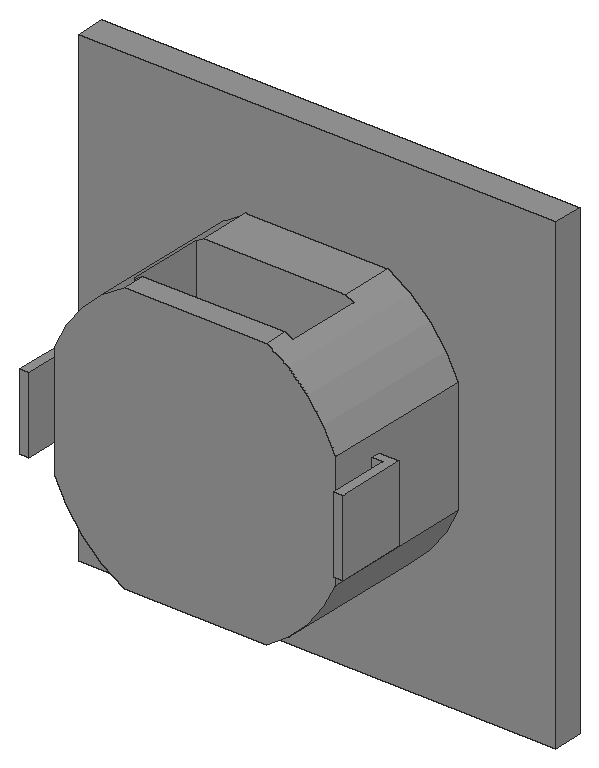
Revit family "IEK_СветорегуляторПоворотный_Встраиваемый_25-400 Вт IP20_КВАРТА", category Выключатели, Revit 2019
Family settings
  Сохранять ориентацию аннотаций = Да
  Размер круглого соединителя = Использовать диаметр
  Тип детали = Переключатель
  На основе рабочей плоскости = Нет
  Всегда вертикально = Да
  При загрузке вырезать с полостями = Нет
  Общий = Нет
  Точка расчета площади = Нет
Parameters (values of type "ВСР10-1-0-ККм")
  Ширина = 81.5 mm  # constant formula
  Тип монтажа = "Скрытый монтаж (в штукатурку)"  # constant formula
  Степень защиты = "IP20"  # constant formula
  Изготовитель = "IEK"  # constant formula
  Дата изменения = ""
  Глубина = 52 mm  # constant formula
  Высота = 80.5 mm  # constant formula
  ΔХ [instance] = 2000 mm
  ΔY [instance] = 2000 mm
  KSI_CPr_Строительные изделия = "20.4.01.03"  # constant formula
  KSI_CMa_Строительные материалы = "01.7.14.03"  # constant formula
  IEK_Цена за единицу = 483.23  # constant formula
  IEK_Поиск в таблице имен = ""
  IEK_Описание = "Классический дизайн, проверенный временем и востребованный различными категориями потребителей, позволяет устанавливать изделия серии \"КВАРТА\" в квартирах, загородных домах, офисных и производственных помещениях."
  IEK_URL = "https://www.iek.ru/products/catalog/izdeliya_elektroustanovochnye_udliniteli_i_silovye_razemy/elektroustanovochnye_izdeliya/elektroustanovochnye_izdeliya_skrytogo_montazha/elektroustanovochnye_izdeliya_kvarta/elektroustanovochnye_izdeliya_kvarta_tsvet_kremovyy/svetoregulyator_povorotnyy_vsr10_1_0_kkm_kvarta_kremovyy_iek"
  ADSK_Ток [instance] = ADSK_Номинальная мощность / (ADSK_Коэффициент мощности * ADSK_Напряжение * sqrt(ADSK_Количество фаз числовое))  # 1.81818 A
  ADSK_Примечание = ""
  ADSK_Полная мощность [instance] = ADSK_Номинальная мощность / ADSK_Коэффициент мощности  # 400 VA
  ADSK_Позиция [instance] = ""
  ADSK_Номинальная мощность [instance] = 400 W
  ADSK_Напряжение = 220 V
  ADSK_Наименование = "Светорегулятор поворотный ВСР10-1-0-ККм КВАРТА кремовый IEK"
  ADSK_Материал обозначение = ""
  ADSK_Материал наименование = "Пластик"  # constant formula
  ADSK_Материал = Цвет кремовый
  ADSK_Масса = 0.094
  ADSK_Марка = "КВАРТА"  # constant formula
  ADSK_Коэффициент мощности [instance] = 1  # constant formula
  ADSK_Количество фаз числовое = 1
  ADSK_Количество фаз = 1
  ADSK_Код изделия = "EDK10-K33-03-DM"
  ADSK_Классификация нагрузок [instance] = Прочее
  ADSK_Завод-изготовитель = "IEK"  # constant formula
  ADSK_Единица измерения = "шт"  # constant formula
  ADSK_Группирование = "III ЭЛЕКТРОУСТАНОВОЧНЫЕ И ЭЛЕКТРОМОНТАЖНЫЕ ИЗДЕЛИЯ"  # constant formula
  ADSK_Версия семейства = "1.0"  # constant formula
  ADSK_Версия Revit = "2019"  # constant formula
  ADSK_URL страницы изделия = "https://www.iek.ru/products/catalog/izdeliya_elektroustanovochnye_udliniteli_i_silovye_razemy/elektroustanovochnye_izdeliya/elektroustanovochnye_izdeliya_skrytogo_montazha/elektroustanovochnye_izdeliya_kvarta/?pagec=100"
Types (3, lengths in mm): name | IEK_URL | ADSK_Наименование | ADSK_Материал | ADSK_Масса | ADSK_Код изделия
  (no name) | "https://www.iek.ru/products/catalog/izdeliya_elektroustanovochnye_udliniteli_i_silovye_razemy/elektroustanovochnye_izdeliya/elektroustanovochnye_izdeliya_skrytogo_montazha/elektroustanovochnye_izdeliya_kvarta/elektroustanovochnye_izdeliya_kvarta_tsvet_kremovyy/svetoregulyator_povorotnyy_vsr10_1_0_kkm_kvarta_kremovyy_iek" | "Светорегулятор поворотный ВСР10-1-0-ККм КВАРТА кремовый IEK" | Цвет кремовый | 0.094 | "EDK10-K33-03-DM"
  ВСР10-1-0-КБ | "https://www.iek.ru/products/catalog/izdeliya_elektroustanovochnye_udliniteli_i_silovye_razemy/elektroustanovochnye_izdeliya/elektroustanovochnye_izdeliya_skrytogo_montazha/elektroustanovochnye_izdeliya_kvarta/elektroustanovochnye_izdeliya_kvarta_tsvet_belyy/svetoregulyator_povorotnyy_vsr10_1_0_kb_kvarta_belyy_iek" | "Светорегулятор поворотный ВСР10-1-0-КБ КВАРТА белый IEK" | Цвет белый | 0.109 | "EDK10-K01-03-DM"
  ВСР10-1-0-ККм | "https://www.iek.ru/products/catalog/izdeliya_elektroustanovochnye_udliniteli_i_silovye_razemy/elektroustanovochnye_izdeliya/elektroustanovochnye_izdeliya_skrytogo_montazha/elektroustanovochnye_izdeliya_kvarta/elektroustanovochnye_izdeliya_kvarta_tsvet_kremovyy/svetoregulyator_povorotnyy_vsr10_1_0_kkm_kvarta_kremovyy_iek" | "Светорегулятор поворотный ВСР10-1-0-ККм КВАРТА кремовый IEK" | Цвет кремовый | 0.094 | "EDK10-K33-03-DM"
Reference planes
  plane 1 "По центру (Вперед/Назад)": y = 0
  plane 2: z = 0
  plane 3 "По центру (Влево/Вправо)": x = 0
  plane 4 "Высота ножек": z = 280
  plane 5 "Высота": z = 2081.496
  plane 6: x = -2000
  plane 7: y = 2000
Forms (mm)
  Extrusion 1, solid, detail levels coarse
    sketch origin (0, 0, 0) x (1, 0, 0) y (0, 1, 0)
      loop
        line (-40.75, -29) -> (40.75, -29) -> (40.75, 21.5) -> (-40.75, 21.5) -> (-40.75, -29)
    from 0 to 80.5
  Extrusion 2, solid, detail levels medium
    sketch origin (0, 0, 0) x (1, 0, 0) y (0, 1, 0)
      loop
        line (-40.75, 21.5) -> (-40.75, -29) -> (40.75, -29) -> (40.75, 21.5) -> (-40.75, 21.5)
    from 0 to 80.5
  Extrusion 3, solid, material "Цвет кремовый" <- "ADSK_Материал", detail levels fine
    sketch origin (0, 0, 40.25) x (1, 0, 0) y (0, 0, -1)
      loop
        arc (-12.124, 23) -> (-19.255, 17.479) -> (-24, 9.811) r 25.342
        line (-24, 9.811) -> (-24, -9.811)
        arc (-24, -9.811) -> (-19.255, -17.479) -> (-12.124, -23) r 25.342
        line (-12.124, -23) -> (12.124, -23)
        arc (12.124, -23) -> (19.255, -17.479) -> (24, -9.811) r 25.342
        line (24, -9.811) -> (24, 9.811)
        arc (24, 9.811) -> (19.255, 17.479) -> (12.124, 23) r 25.342
        line (12.124, 23) -> (-12.124, 23)
    from 0 to -26
  Extrusion 4, solid, material "Цвет кремовый" <- "ADSK_Материал", detail levels fine
    sketch origin (0, 0, 40.25) x (1, 0, 0) y (0, 0, -1)
      loop
        line (-40.75, 40.25) -> (-40.75, -40.25) -> (40.75, -40.25) -> (40.75, 40.25) -> (-40.75, 40.25)
    from 0 to 14.038
  Revolve 5, solid, material "Цвет кремовый" <- "ADSK_Материал", detail levels fine
    sketch origin (0, 0, 40.25) x (0, 0, -1) y (0, 1, 0)
      loop
        line (19.023, 5) -> (21.005, 5) -> (21.005, 13.999)
        arc (21.005, 13.999) -> (20.014, 14.99) -> (19.023, 13.999) r 0.991
        line (19.023, 13.999) -> (19.023, 5)
      axis (0, 13.999) -> (0, 5)
    angle from 0 to 360
  Extrusion 6, void
    sketch origin (0, 0, 40.25) x (1, 0, 0) y (0, 0, -1)
      loop
        circle (0, 0) r 19.023
    from 5 to 18.875
  Extrusion 7, void
    sketch origin (-0.5, 0, 39.464) x (0, 1, 0) y (1, 0, 0)
      loop
        line (5, -40.25) -> (18.875, -40.25) -> (18.875, -11.84) -> (14.038, -11.84) -> (14.038, -14.912)
        spline (14.038, -14.912) -> (13.743, -16.643) -> (13.423, -18.551) -> (13.06, -20.603) -> (12.637, -22.767) -> (12.136, -25.011) -> (11.54, -27.303) -> (10.832, -29.61) -> (9.995, -31.901) -> (9.01, -34.142) -> (7.861, -36.302) -> (6.53, -38.349) -> (5, -40.25)
    from -55.184 to 53.611
  Extrusion 8, void
    sketch origin (0.5, 0, 39.464) x (0, -1, 0) y (-1, 0, 0)
      loop
        spline (-5, -40.25) -> (-6.53, -38.349) -> (-7.861, -36.302) -> (-9.01, -34.142) -> (-9.995, -31.901) -> (-10.832, -29.61) -> (-11.54, -27.303) -> (-12.136, -25.011) -> (-12.637, -22.767) -> (-13.06, -20.603) -> (-13.423, -18.551) -> (-13.743, -16.643) -> (-14.038, -14.912)
        line (-14.038, -14.912) -> (-14.038, -11.84) -> (-18.875, -11.84) -> (-18.875, -40.25) -> (-5, -40.25)
    from -55.184 to 53.611
  Extrusion 9, void
    sketch origin (0.786, 0, 40.25) x (0, 0, 1) y (0, -1, 0)
      loop
        spline (40.25, -5) -> (38.349, -6.53) -> (36.302, -7.861) -> (34.142, -9.01) -> (31.901, -9.995) -> (29.61, -10.832) -> (27.303, -11.54) -> (25.011, -12.136) -> (22.767, -12.637) -> (20.603, -13.06) -> (18.551, -13.423) -> (16.643, -13.743) -> (14.912, -14.038)
        line (14.912, -14.038) -> (11.84, -14.038) -> (11.84, -18.875) -> (40.25, -18.875) -> (40.25, -5)
    from -55.184 to 53.611
  Extrusion 10, void
    sketch origin (0.786, 0, 40.25) x (0, 0, -1) y (0, 1, 0)
      loop
        line (40.25, 5) -> (40.25, 18.875) -> (11.84, 18.875) -> (11.84, 14.038) -> (14.912, 14.038)
        spline (14.912, 14.038) -> (16.643, 13.743) -> (18.551, 13.423) -> (20.603, 13.06) -> (22.767, 12.637) -> (25.011, 12.136) -> (27.303, 11.54) -> (29.61, 10.832) -> (31.901, 9.995) -> (34.142, 9.01) -> (36.302, 7.861) -> (38.349, 6.53) -> (40.25, 5)
    from -55.184 to 53.611
  Extrusion 11, solid, material "Цвет кремовый" <- "ADSK_Материал", detail levels fine
    sketch origin (0, 0, 40.25) x (1, 0, 0) y (0, 0, -1)
      loop
        circle (0, 0) r 17.973
    from 5 to 21.5
  Extrusion 12, void
    sketch origin (0, 0, 40.25) x (1, 0, 0) y (0, 1, 0)
      loop
        line (-13.5, -9) -> (-13.5, -22) -> (13.5, -22) -> (13.5, -9) -> (-13.5, -9)
    from -23 to 23
  Extrusion 13, solid, material "Цвет кремовый" <- "ADSK_Материал", detail levels fine
    sketch origin (0, 0, 40.25) x (1, 0, 0) y (0, 1, 0)
      loop
        line (-26, -29) -> (-26, -18.5) -> (-24, -18.5) -> (-24, -17) -> (-27.5, -17) -> (-27.5, -29) -> (-26, -29)
      loop
        line (26, -18.5) -> (26, -29) -> (27.5, -29) -> (27.5, -17) -> (24, -17) -> (24, -18.5) -> (26, -18.5)
    from -6.5 to 6.5
Cuts and joins
  Extrusion 6, Extrusion 7, Extrusion 8, Extrusion 9, Extrusion 10 cuts Extrusion 4
  Extrusion 12 cuts Extrusion 3
Lines and regions (mm)
  reference lines
    curve 1: line (0, 44.647, 0) -> (0, -55.353, 0)
    curve 2: line (-23.829, 0, 0) -> (76.171, 0, 0)
Dimensions and locks
  locked: plane 4 "Высота ножек" to plane 2 at 280
  plane 5 "Высота" to plane 4 "Высота ножек" = 1801.496 mm
  "ΔХ": plane 6 to curve 1
  "ΔY": plane 7 to curve 2
  aligned and locked: level to plane 2
  aligned and locked: curve 2 to nested 1
  aligned and locked: nested 1 to curve 1
Automatic sketch dimensions
  Extrusion 1 sketch curve to plane 1 "По центру (Вперед/Назад)" = 21.5 mm
  Extrusion 1 sketch curve to plane 3 "По центру (Влево/Вправо)" = 40.75 mm
  plane 3 "По центру (Влево/Вправо)" to Extrusion 1 sketch curve = 40.75 mm
  plane 1 "По центру (Вперед/Назад)" to Extrusion 1 sketch curve = 29 mm
  Extrusion 2 sketch curve to plane 3 "По центру (Влево/Вправо)" = 40.75 mm
  plane 3 "По центру (Влево/Вправо)" to Extrusion 2 sketch curve = 40.75 mm
  plane 1 "По центру (Вперед/Назад)" to Extrusion 2 sketch curve = 29 mm
  Extrusion 2 sketch curve to plane 1 "По центру (Вперед/Назад)" = 21.5 mm
  Extrusion 3 sketch curve to plane 3 "По центру (Влево/Вправо)" = 24 mm
  Extrusion 3 sketch curve to plane 3 "По центру (Влево/Вправо)" = 12.124 mm  (x2)
  Extrusion 3 sketch curve to plane 3 "По центру (Влево/Вправо)" = 0.422 mm  (x2)
  plane 3 "По центру (Влево/Вправо)" to Extrusion 3 sketch curve = 0.422 mm  (x2)
  plane 3 "По центру (Влево/Вправо)" to Extrusion 3 sketch curve = 12.124 mm  (x2)
  Extrusion 3 sketch curve to Extrusion 3 sketch curve = 11.876 mm
  level to Extrusion 3 sketch curve = 63.25 mm
  Extrusion 3 sketch curve to Extrusion 3 sketch curve = 13.189 mm  (x2)
  Extrusion 3 sketch curve to Extrusion 3 sketch curve = 1.043 mm
  Extrusion 3 sketch curve to Extrusion 3 sketch curve = 0 mm
  Extrusion 3 sketch curve to Extrusion 3 sketch curve = 19.622 mm
  Extrusion 4 sketch curve to level = 0 mm
  Extrusion 4 sketch curve to plane 3 "По центру (Влево/Вправо)" = 40.75 mm
  plane 3 "По центру (Влево/Вправо)" to Extrusion 4 sketch curve = 40.75 mm
  level to Extrusion 4 sketch curve = 80.5 mm
  level to Revolve 5 sketch curve = 21.227 mm
  Revolve 5 sketch curve to Revolve 5 sketch curve = 0.991 mm
  Revolve 5 sketch curve to plane 1 "По центру (Вперед/Назад)" = 5 mm
  Revolve 5 sketch curve to Revolve 5 sketch curve = 8.999 mm
  level to Revolve 5 sketch curve = 40.25 mm
  plane 1 "По центру (Вперед/Назад)" to Revolve 5 sketch curve = 609.6 mm
  plane 7 to Revolve 5 sketch curve = 343.807 mm
  Extrusion 6 sketch curve to plane 3 "По центру (Влево/Вправо)" = 0 mm
  level to Extrusion 6 sketch curve = 40.25 mm
  Extrusion 7 sketch curve to plane 1 "По центру (Вперед/Назад)" = 5 mm
  Extrusion 7 sketch curve to plane 1 "По центру (Вперед/Назад)" = 14.038 mm
  Extrusion 7 sketch curve to Extrusion 7 sketch curve = 4.837 mm
  Extrusion 7 sketch curve to plane 3 "По центру (Влево/Вправо)" = 12.34 mm
  Extrusion 7 sketch curve to Extrusion 7 sketch curve = 3.071 mm
  Extrusion 7 sketch curve to Extrusion 7 sketch curve = 25.338 mm
  Extrusion 8 sketch curve to plane 1 "По центру (Вперед/Назад)" = 18.875 mm
  Extrusion 8 sketch curve to Extrusion 8 sketch curve = 4.837 mm
  Extrusion 8 sketch curve to plane 1 "По центру (Вперед/Назад)" = 5 mm
  plane 3 "По центру (Влево/Вправо)" to Extrusion 8 sketch curve = 12.34 mm
  Extrusion 8 sketch curve to Extrusion 8 sketch curve = 3.071 mm
  Extrusion 8 sketch curve to Extrusion 8 sketch curve = 25.338 mm
  Extrusion 9 sketch curve to plane 1 "По центру (Вперед/Назад)" = 18.875 mm
  level to Extrusion 9 sketch curve = 52.09 mm
  Extrusion 9 sketch curve to plane 1 "По центру (Вперед/Назад)" = 14.038 mm
  Extrusion 9 sketch curve to Extrusion 9 sketch curve = 3.071 mm
  Extrusion 9 sketch curve to plane 1 "По центру (Вперед/Назад)" = 5 mm
  Extrusion 9 sketch curve to Extrusion 9 sketch curve = 25.338 mm
  Extrusion 10 sketch curve to level = 0 mm
  level to Extrusion 10 sketch curve = 25.338 mm
  Extrusion 10 sketch curve to Extrusion 10 sketch curve = 3.071 mm
  Extrusion 10 sketch curve to plane 1 "По центру (Вперед/Назад)" = 5 mm
  Extrusion 10 sketch curve to plane 1 "По центру (Вперед/Назад)" = 14.038 mm
  Extrusion 10 sketch curve to Extrusion 10 sketch curve = 4.837 mm
  Extrusion 11 sketch curve to plane 3 "По центру (Влево/Вправо)" = 0 mm
  level to Extrusion 11 sketch curve = 40.25 mm
  Extrusion 12 sketch curve to plane 3 "По центру (Влево/Вправо)" = 13.5 mm
  plane 3 "По центру (Влево/Вправо)" to Extrusion 12 sketch curve = 13.5 mm
  plane 1 "По центру (Вперед/Назад)" to Extrusion 12 sketch curve = 22 mm
  plane 1 "По центру (Вперед/Назад)" to Extrusion 12 sketch curve = 9 mm
  Extrusion 13 sketch curve to plane 3 "По центру (Влево/Вправо)" = 27.5 mm
  Extrusion 13 sketch curve to Extrusion 13 sketch curve = 1.5 mm  (x4)
  Extrusion 13 sketch curve to Extrusion 13 sketch curve = 2 mm  (x2)
  plane 3 "По центру (Влево/Вправо)" to Extrusion 13 sketch curve = 24 mm
  plane 1 "По центру (Вперед/Назад)" to Extrusion 13 sketch curve = 29 mm  (x2)
  Extrusion 13 sketch curve to Extrusion 13 sketch curve = 10.5 mm  (x2)
  curve 2 to plane 3 "По центру (Влево/Вправо)" = 23.829 mm
  plane 3 "По центру (Влево/Вправо)" to curve 2 = 76.171 mm
  plane 1 "По центру (Вперед/Назад)" to curve 1 = 55.353 mm
  curve 1 to plane 1 "По центру (Вперед/Назад)" = 44.647 mm
  radius of Extrusion 6 sketch curve = 19.023 mm
  radius of Extrusion 11 sketch curve = 17.973 mm
Nested families
  nested 1: "УГО Выключателя" at (0, 0, 0), type "1K-C", detail levels coarse+medium
    with IP44 no
Connectors
  electrical at (0, -29, 40.25), driven by "ADSK_Количество фаз", driven by "ADSK_Классификация нагрузок", driven by "ADSK_Напряжение", driven by "ADSK_Полная мощность", driven by "ADSK_Коэффициент мощности"
    settings: on Extrusion 1, index 1, voltage 220 V, apparent load 0 VA, apparent load phase1 400 VA, apparent load phase2 0 VA, apparent load phase3 0 VA, power factor 1, load classification "Прочее", number of poles 1, system type 31, power factor state 1, is connector primary yes, connector utility no, sub classification motor no, connector description ""
Definition of nested family "УГО Выключателя"
  Parameters (values of type "3K-O")
    IP44 [instance] = no
    3K-C = no
    2K-C = no
    1K-C = no
    3K-O = yes
    2K-O = no
    1K-O = no
  Types (6, lengths in mm): name | 3K-C | 2K-C | 1K-C | 3K-O | 1K-O
    2K-O | no | no | no | yes | no
    3K-O | no | no | no | yes | no
    2K-C | no | yes | no | no | no
    1K-O | no | no | no | no | yes
    1K-C | no | no | yes | no | no
    3K-C | yes | no | no | no | no
  Reference planes
    plane 1: y = 0
    plane 2: x = 0
  Lines and regions (mm)
    Filled region 1, type "Цветовая область 1", visible <- "IP44"
      outline origin (0, 0, 0) x (1, 0, 0) y (0, 1, 0)
        loop
          circle (0.006, 0.994) r 0.994
    Filled region 2, type "Цветовая область 1", visible <- "IP44", not visible
      outline origin (0, 0, 0) x (1, 0, 0) y (0, 1, 0)
        loop
          circle (0, 2.214) r 0.994
    Filled region 3, type "Цветовая область 1", visible <- "IP44"
      outline origin (-1.562, 0, 0) x (1, 0, 0) y (0, 1, 0)
        loop
          circle (1.569, 0.994) r 0.994
    Filled region 4, type "Цветовая область 1", visible <- "1K-O"
      outline origin (0, 6.25, 0) x (1, 0, 0) y (0, 1, 0)
        loop
          circle (0.006, -5.256) r 0.994
    Filled region 5, type "Цветовая область 1", visible <- "IP44"
      outline origin (-1.562, 0, 0) x (1, 0, 0) y (0, 1, 0)
        loop
          circle (1.569, 0.994) r 0.994
    Filled region 6, type "Цветовая область 1", visible <- "IP44"
      outline origin (0, 0, 0) x (1, 0, 0) y (0, 1, 0)
        loop
          circle (0.006, 0.994) r 0.994
    Filled region 7, type "Цветовая область 1", visible <- "IP44", not visible
      outline origin (-1.562, 0, 0) x (1, 0, 0) y (0, 1, 0)
        loop
          circle (11.009, 9.276) r 0.994
    Filled region 8, type "Цветовая область 1", visible <- "1K-O", not visible
      outline origin (0, 6.25, 0) x (1, 0, 0) y (0, 1, 0)
        loop
          circle (15.194, 9.276) r 0.994
    Filled region 9, type "Цветовая область 1", visible <- "IP44", not visible
      outline origin (-1.562, 0, 0) x (1, 0, 0) y (0, 1, 0)
        loop
          circle (23.521, 9.279) r 0.994
    Filled region 10, type "Цветовая область 1", visible <- "IP44", not visible
      outline origin (0, 0, 0) x (1, 0, 0) y (0, 1, 0)
        loop
          circle (28.604, 9.279) r 0.994
    Filled region 11, type "Цветовая область 1", visible <- "IP44", not visible
      outline origin (0, 0, 0) x (1, 0, 0) y (0, 1, 0)
        loop
          circle (32.789, 9.279) r 0.994
    Filled region 12, type "Цветовая область 1", visible <- "IP44"
      outline origin (0, 0, 0) x (1, 0, 0) y (0, 1, 0)
        loop
          circle (0.006, 0.994) r 0.994
    detail lines, visible <- "3K-O"
      curve 1: line (0.867, 1.49, 0) -> (3.037, 2.744, 0)
      curve 2: line (0.645, 1.755, 0) -> (2.256, 3.675, 0)
      curve 3: line (0.33, 1.933, 0) -> (1.146, 4.303, 0)
      curve 7: circle (0.006, 0.994, 0) r 0.994 normal (0, 0, 1)
      curve 16: line (3.037, 2.744, 0) -> (3.437, 2.051, 0)
      curve 17: line (2.256, 3.675, 0) -> (2.869, 3.161, 0)
      curve 18: line (1.146, 4.303, 0) -> (1.902, 4.042, 0)
    detail lines, visible <- "2K-O"
      curve 4: line (0.756, 1.645, 0) -> (2.648, 3.29, 0)
      curve 5: line (0.488, 1.863, 0) -> (1.703, 4.055, 0)
      curve 8: circle (0.006, 0.994, 0) r 0.994 normal (0, 0, 1)
      curve 19: line (2.648, 3.29, 0) -> (3.173, 2.686, 0)
      curve 20: line (1.703, 4.055, 0) -> (2.403, 3.667, 0)
    detail lines, visible <- "1K-O"
      curve 6: line (0.576, 1.808, 0) -> (2.014, 3.861, 0)
      curve 9: circle (0.006, 0.994, 0) r 0.994 normal (0, 0, 1)
      curve 21: line (2.014, 3.861, 0) -> (2.669, 3.402, 0)
    detail lines, visible <- "3K-C"
      curve 10: line (0.867, 1.49, 0) -> (3.037, 2.744, 0)
      curve 11: line (0.645, 1.755, 0) -> (2.256, 3.675, 0)
      curve 12: line (0.33, 1.933, 0) -> (1.146, 4.303, 0)
      curve 14: circle (0.006, 0.994, 0) r 0.994 normal (0, 0, 1)
      curve 23: line (2.812, 3.133, 0) -> (3.262, 2.354, 0)
      curve 24: line (1.911, 3.964, 0) -> (2.601, 3.386, 0)
      curve 25: line (0.72, 4.449, 0) -> (1.571, 4.156, 0)
    detail lines, visible <- "1K-C"
      curve 13: line (0.576, 1.808, 0) -> (2.014, 3.861, 0)
      curve 15: circle (0.006, 0.994, 0) r 0.994 normal (0, 0, 1)
      curve 22: line (1.645, 4.119, 0) -> (2.383, 3.603, 0)
    detail lines, visible <- "3K-O", not visible
      curve 26: line (0.86, 2.711, 0) -> (3.031, 3.964, 0)
      curve 27: line (0.639, 2.975, 0) -> (2.25, 4.895, 0)
      curve 28: line (0.323, 3.154, 0) -> (1.139, 5.524, 0)
      curve 29: circle (0, 2.214, 0) r 0.994 normal (0, 0, 1)
      curve 30: line (3.031, 3.964, 0) -> (3.431, 3.272, 0)
      curve 31: line (2.25, 4.895, 0) -> (2.863, 4.381, 0)
      curve 32: line (1.139, 5.524, 0) -> (1.896, 5.263, 0)
    detail lines, visible <- "2K-O", not visible
      curve 33: line (10.196, 9.928, 0) -> (12.088, 11.572, 0)
      curve 34: line (9.928, 10.145, 0) -> (11.143, 12.337, 0)
      curve 35: circle (9.446, 9.276, 0) r 0.994 normal (0, 0, 1)
      curve 36: line (12.088, 11.572, 0) -> (12.613, 10.968, 0)
      curve 37: line (11.143, 12.337, 0) -> (11.843, 11.949, 0)
    detail lines, visible <- "1K-O", not visible
      curve 38: line (15.764, 16.34, 0) -> (17.201, 18.393, 0)
      curve 39: circle (15.194, 15.526, 0) r 0.994 normal (0, 0, 1)
      curve 40: line (17.201, 18.393, 0) -> (17.857, 17.934, 0)
    detail lines, visible <- "3K-C", not visible
      curve 41: line (22.819, 9.775, 0) -> (24.99, 11.029, 0)
      curve 42: line (22.597, 10.04, 0) -> (24.208, 11.96, 0)
      curve 43: line (22.282, 10.218, 0) -> (23.098, 12.588, 0)
      curve 44: circle (21.958, 9.279, 0) r 0.994 normal (0, 0, 1)
      curve 45: line (24.765, 11.418, 0) -> (25.215, 10.639, 0)
      curve 46: line (23.863, 12.249, 0) -> (24.553, 11.67, 0)
      curve 47: line (22.672, 12.734, 0) -> (23.523, 12.441, 0)
    detail lines, visible <- "2K-C", not visible
      curve 48: line (29.354, 9.93, 0) -> (31.246, 11.575, 0)
      curve 49: line (29.086, 10.148, 0) -> (30.301, 12.34, 0)
      curve 50: circle (28.604, 9.279, 0) r 0.994 normal (0, 0, 1)
      curve 51: line (30.951, 11.914, 0) -> (31.541, 11.235, 0)
      curve 52: line (29.908, 12.558, 0) -> (30.695, 12.122, 0)
    detail lines, visible <- "1K-C", not visible
      curve 53: line (33.359, 10.092, 0) -> (34.797, 12.146, 0)
      curve 54: circle (32.789, 9.279, 0) r 0.994 normal (0, 0, 1)
      curve 55: line (34.428, 12.404, 0) -> (35.165, 11.887, 0)
    detail lines, visible <- "2K-C"
      curve 56: line (0.756, 1.645, 0) -> (2.648, 3.29, 0)
      curve 57: line (0.488, 1.863, 0) -> (1.703, 4.055, 0)
      curve 58: circle (0.006, 0.994, 0) r 0.994 normal (0, 0, 1)
      curve 59: line (2.353, 3.629, 0) -> (2.943, 2.95, 0)
      curve 60: line (1.31, 4.273, 0) -> (2.097, 3.837, 0)
    detail lines
      curve 61: line (0.006, 0, 0) -> (0.006, 2.454, 0)
      curve 62: line (0.006, 0, 0) -> (2.217, 0, 0)
